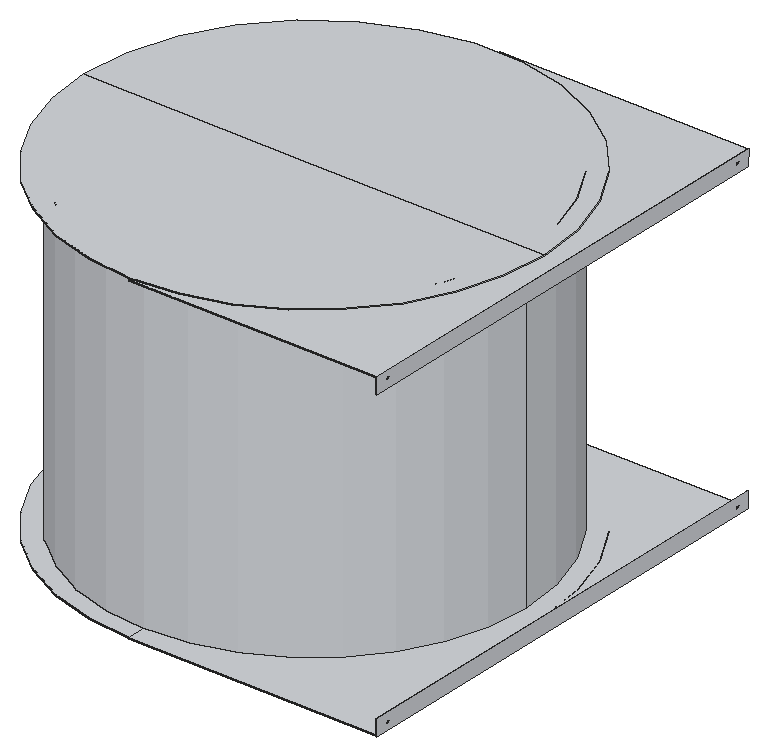
Revit family "VAD_Vertical_Wall_Mount", category Mechanical Equipment, Revit 2019
Family settings
  Round Connector Dimension = Use Radius
  Part Type = Normal
  Work Plane-Based = No
  Always vertical = Yes
  Cut with Voids When Loaded = No
  Shared = No
  Room Calculation Point = No
Parameters (values of type "60_VAD_VER_WALL")
  Unit Weight [instance] = ""
  P/2 = P / 2  # 0' - 0 9/32"
  P = 0' - 0 9/16"  # constant formula
  N = 2' - 7"
  ModelID [instance] = ""
  M/2 = M / 2  # 2' - 9"
  M = 5' - 6"
  K-.125" = K - 0' 0 1/8"  # 2' - 11 1/8"
  J+J = J + J  # 0' - 2 1/4"
  J = 0' - 1 1/8"
  K/2 = H / 2  # 1' - 9 7/8"
  H = 3' - 7 3/4"
  K-(C/2) = K - (C / 2)  # 0' - 3 5/8"
  K = 2' - 11 1/4"
  Sones [instance] = ""
  Motor RPM [instance] = ""
  Motor Enclosure [instance] = ""
  LwA [instance] = ""
  G = 16' - 0"
  Fan RPM [instance] = ""
  F/2 = F / 2  # 0' - 0 9/32"
  F = 0' - 0 9/16"
  E/2 = E / 2  # 1' - 11"
  E-2" = E - 0' 2"  # 3' - 8"
  E = 3' - 10"
  C/2+L = C / 2 + K  # 5' - 6 7/8"
  C/2 = C / 2  # 2' - 7 5/8"
  C = 5' - 3 1/4"
  B/2 = B / 2  # 2' - 8 23/32"
  B = 5' - 5 7/16"
  Accessories [instance] = ""
  A/3 = A / 2.5  # 2' - 0"
  A/2 = A / 2  # 2' - 6"
  A = 5' - 0"
  60 = 60.00°  # constant formula
  30 = 30.00°  # constant formula
  3" = 0' - 3"  # constant formula
  Brake Hp [instance] = ""
  4" = 0' - 4"  # constant formula
  2' = 2' - 0"
  2" = 0' - 2"  # constant formula
  1" = 0' - 1"  # constant formula
  0 = 0' - 0"  # constant formula
  Voltage [instance] = 0 V
  URL = "www.lorencook.com"
  Type Comments = "Fixed Pitch Vane Axial Vertical Wall Mount Direct Drive Arrangement 4"  # constant formula
  Static Pressure [instance] = 0.00 in-wg
  Power [instance] = Voltage * Motor FLA * sqrt(if(Phase = 3, 3, 1))  # 0 VA
  Phase [instance] = 0
  Number of Poles [instance] = 1
  Motor Hp [instance] = "0"
  Motor FLA [instance] = 0 A
  Model = "VAD"  # constant formula
  Manufacturer = "Loren Cook Company"
  CFM [instance] = 0 CFM
  1.5 = 0' - 1 1/2"  # constant formula
  ONE EIGTH = 0' - 0 1/8"  # constant formula
  -E/2 = -E / 2  # -1' - 11"
  -B/2 = -B / 2  # -2' - 8 23/32"
  -(E/2)+2" = -(E / 2) + 0' 2"  # -1' - 9"
  -(E-.25")/2 = -(E - 0' 0 1/4") / 2  # -1' - 10 7/8"
  (H-(A/2))/2 = 1' - 5 1/2"
  (E/2)-2" = (E / 2) - 0' 2"  # 1' - 9"
  (E-.25")/2 = (E - 0' 0 1/4") / 2  # 1' - 10 7/8"
  (A+.25")/2 = (A + 0' 0 1/4") / 2  # 2' - 6 1/8"
Types (10): name | N | M/2 | M | K-.125" | J+J | J | K/2 | H | K-(C/2) | K | G | F/2 | F | E/2 | E-2" | E | C/2+L | C/2 | C | B/2 | B | A/3 | A/2 | A | -E/2 | -B/2 | -(E/2)+2" | -(E-.25")/2 | (H-(A/2))/2 | (E/2)-2" | (E-.25")/2 | (A+.25")/2
  (no name) | 2' - 7" | 2' - 9" | 5' - 6" | 2' - 11 1/8" | 0' - 2 1/4" | 0' - 1 1/8" | 1' - 9 7/8" | 3' - 7 3/4" | 0' - 3 5/8" | 2' - 11 1/4" | 16' - 0" | 0' - 0 9/32" | 0' - 0 9/16" | 1' - 11" | 3' - 8" | 3' - 10" | 5' - 6 7/8" | 2' - 7 5/8" | 5' - 3 1/4" | 2' - 8 23/32" | 5' - 5 7/16" | 2' - 0" | 2' - 6" | 5' - 0" | -1' - 11" | -2' - 8 23/32" | -1' - 9" | -1' - 10 7/8" | 1' - 5 1/2" | 1' - 9" | 1' - 10 7/8" | 2' - 6 1/8"
  18_VAD_VER_WALL | 0' - 8 1/2" | 0' - 10 1/2" | 1' - 9" | 1' - 0 5/16" | 0' - 2" | 0' - 1" | 0' - 8 1/2" | 1' - 5" | 0' - 2 9/16" | 1' - 0 7/16" | 12' - 0" | 0' - 0 7/32" | 0' - 0 7/16" | 0' - 9 1/2" | 1' - 5" | 1' - 7" | 1' - 10 5/16" | 0' - 9 7/8" | 1' - 7 3/4" | 0' - 10 5/8" | 1' - 9 1/4" | 0' - 7.2" | 0' - 9" | 1' - 6" | -0' - 9 1/2" | -0' - 10 5/8" | -0' - 7 1/2" | -0' - 9 3/8" | 0' - 9 1/8" | 0' - 7 1/2" | 0' - 9 3/8" | 0' - 9 1/8"
  21_VAD_VER_WALL | 0' - 10" | 1' - 0" | 2' - 0" | 1' - 1 13/16" | 0' - 2" | 0' - 1" | 0' - 9" | 1' - 6" | 0' - 2 9/16" | 1' - 1 15/16" | 12' - 0" | 0' - 0 7/32" | 0' - 0 7/16" | 0' - 10" | 1' - 6" | 1' - 8" | 2' - 1 5/16" | 0' - 11 3/8" | 1' - 10 3/4" | 1' - 0 1/8" | 2' - 0 1/4" | 0' - 8.4" | 0' - 10 1/2" | 1' - 9" | -0' - 10" | -1' - 0 1/8" | -0' - 8" | -0' - 9 7/8" | 0' - 10 1/2" | 0' - 8" | 0' - 9 7/8" | 0' - 10 5/8"
  26_VAD_VER_WALL | 1' - 0 13/16" | 1' - 2 25/32" | 2' - 5 9/16" | 1' - 4 9/16" | 0' - 2" | 0' - 1" | 0' - 10" | 1' - 8" | 0' - 2 11/16" | 1' - 4 11/16" | 12' - 0" | 0' - 0 7/32" | 0' - 0 7/16" | 0' - 11" | 1' - 8" | 1' - 10" | 2' - 6 11/16" | 1' - 2" | 2' - 4" | 1' - 3 5/32" | 2' - 6 5/16" | 0' - 10.4" | 1' - 1" | 2' - 2" | -0' - 11" | -1' - 3 5/32" | -0' - 9" | -0' - 10 7/8" | 0' - 10 3/4" | 0' - 9" | 0' - 10 7/8" | 1' - 1 1/8"
  29_VAD_VER_WALL | 1' - 2 5/16" | 1' - 4 5/16" | 2' - 8 5/8" | 1' - 6 1/8" | 0' - 2" | 0' - 1" | 0' - 11 1/2" | 1' - 11" | 0' - 2 3/4" | 1' - 6 1/4" | 12' - 0" | 0' - 0 7/32" | 0' - 0 7/16" | 1' - 0 1/2" | 1' - 11" | 2' - 1" | 2' - 9 3/4" | 1' - 3 1/2" | 2' - 7" | 1' - 4 21/32" | 2' - 9 5/16" | 0' - 11.6" | 1' - 2 1/2" | 2' - 5" | -1' - 0 1/2" | -1' - 4 21/32" | -0' - 10 1/2" | -1' - 0 3/8" | 1' - 1" | 0' - 10 1/2" | 1' - 0 3/8" | 1' - 2 5/8"
  36_VAD_VER_WALL | 1' - 6 5/16" | 1' - 8 5/16" | 3' - 4 5/8" | 1' - 10 1/8" | 0' - 2" | 0' - 1" | 1' - 3" | 2' - 6" | 0' - 3 1/4" | 1' - 10 1/4" | 16' - 0" | 0' - 0 9/32" | 0' - 0 9/16" | 1' - 4" | 2' - 6" | 2' - 8" | 3' - 5 1/4" | 1' - 7" | 3' - 2" | 1' - 8 5/32" | 3' - 4 5/16" | 1' - 2.4" | 1' - 6" | 3' - 0" | -1' - 4" | -1' - 8 5/32" | -1' - 2" | -1' - 3 7/8" | 1' - 1 3/4" | 1' - 2" | 1' - 3 7/8" | 1' - 6 1/8"
  42_VAD_VER_WALL | 1' - 9 3/8" | 2' - 0 3/8" | 4' - 0 3/4" | 2' - 1 1/16" | 0' - 2 1/4" | 0' - 1 1/8" | 1' - 5 3/8" | 2' - 10 3/4" | 0' - 3" | 2' - 1 3/16" | 16' - 0" | 0' - 0 9/32" | 0' - 0 9/16" | 1' - 6 1/2" | 2' - 11" | 3' - 1" | 3' - 11 3/8" | 1' - 10 3/16" | 3' - 8 3/8" | 1' - 10 21/32" | 3' - 9 5/16" | 1' - 4.8" | 1' - 9" | 3' - 6" | -1' - 6 1/2" | -1' - 10 21/32" | -1' - 4 1/2" | -1' - 6 3/8" | 1' - 2 3/4" | 1' - 4 1/2" | 1' - 6 3/8" | 1' - 9 1/8"
  48_VAD_VER_WALL | 2' - 0 3/8" | 2' - 2 3/8" | 4' - 4 3/4" | 2' - 4 1/8" | 0' - 2 1/4" | 0' - 1 1/8" | 1' - 7 7/8" | 3' - 3 3/4" | 0' - 3" | 2' - 4 1/4" | 16' - 0" | 0' - 0 9/32" | 0' - 0 9/16" | 1' - 9" | 3' - 4" | 3' - 6" | 4' - 5 1/2" | 2' - 1 1/4" | 4' - 2 1/2" | 2' - 2 19/32" | 4' - 5 3/16" | 1' - 7.2" | 2' - 0" | 4' - 0" | -1' - 9" | -2' - 2 19/32" | -1' - 7" | -1' - 8 7/8" | 1' - 3" | 1' - 7" | 1' - 8 7/8" | 2' - 0 1/8"
  54_VAD_VER_WALL | 2' - 3 1/2" | 2' - 5 1/2" | 4' - 11" | 2' - 7 1/8" | 0' - 2 1/4" | 0' - 1 1/8" | 1' - 9 7/8" | 3' - 7 3/4" | 0' - 3" | 2' - 7 1/4" | 16' - 0" | 0' - 0 9/32" | 0' - 0 9/16" | 1' - 11" | 3' - 8" | 3' - 10" | 4' - 11 1/2" | 2' - 4 1/4" | 4' - 8 1/2" | 2' - 5 23/32" | 4' - 11 7/16" | 1' - 9.6" | 2' - 3" | 4' - 6" | -1' - 11" | -2' - 5 23/32" | -1' - 9" | -1' - 10 7/8" | 1' - 4 1/4" | 1' - 9" | 1' - 10 7/8" | 2' - 3 1/8"
  60_VAD_VER_WALL | 2' - 7" | 2' - 9" | 5' - 6" | 2' - 11 1/8" | 0' - 2 1/4" | 0' - 1 1/8" | 1' - 9 7/8" | 3' - 7 3/4" | 0' - 3 5/8" | 2' - 11 1/4" | 16' - 0" | 0' - 0 9/32" | 0' - 0 9/16" | 1' - 11" | 3' - 8" | 3' - 10" | 5' - 6 7/8" | 2' - 7 5/8" | 5' - 3 1/4" | 2' - 8 23/32" | 5' - 5 7/16" | 2' - 0" | 2' - 6" | 5' - 0" | -1' - 11" | -2' - 8 23/32" | -1' - 9" | -1' - 10 7/8" | 1' - 5 1/2" | 1' - 9" | 1' - 10 7/8" | 2' - 6 1/8"
Reference planes (in)
  plane 1 "Center (Front/Back)": y = 0
  plane 2: z = 0
  plane 3 "Center (Left/Right)": x = 0.40541
Forms (in)
  Revolve 1, solid
    sketch origin (0, 0, 0) x (1, 0, 0) y (0, 0, 1)
      loop
        line (0.40541, 23) -> (0.40541, -23) -> (33.12416, -23) -> (33.12416, -22.875) -> (30.53041, -22.875) -> (30.53041, 22.875) -> (33.12416, 22.875) -> (33.12416, 23) -> (0.40541, 23)
      axis (0.40541, -23) -> (0.40541, 23)
    angle from 0 to 360
  Extrusion 2, solid
    sketch origin (0.40541, 0, 0) x (0, 1, 0) y (0, 0, 1)
      loop
        line (-33, 22.875) -> (-33, 20.625) -> (33, 20.625) -> (33, 22.875) -> (-33, 22.875)
      loop
        line (33, -20.625) -> (-33, -20.625) -> (-33, -22.875) -> (33, -22.875) -> (33, -20.625)
      loop
        circle (31, 21.875) r 0.28125
      loop
        circle (-31, 21.875) r 0.28125
      loop
        circle (-31, -21.875) r 0.28125
      loop
        circle (31, -21.875) r 0.28125
    from 35.125 <- "K-.125"" to 35.25 <- "K"
  Extrusion 3, solid
    sketch origin (0.40541, -33, -22.875) x (1, 0, 0) y (0, -1, 0)
      loop
        line (0, -63.125) -> (0, -66) -> (35.125, -66) -> (35.125, 0) -> (0, 0) -> (0, -2.875)
        arc (0, -2.875) -> (30.125, -33) -> (0, -63.125) r 30.125
    from 0 to -0.125
  Extrusion 4, solid
    sketch origin (0.40541, -33, 22.875) x (0, 1, 0) y (-1, 0, 0)
      loop
        arc (63.125, 0) -> (33, -30.125) -> (2.875, 0) r 30.125
        line (2.875, 0) -> (0, 0) -> (0, -35.25) -> (66, -35.25) -> (66, 0) -> (63.125, 0)
    from 0 to -0.125
  Extrusion 5, solid
    sketch origin (0, 0, 0) x (1, 0, 0) y (0, 0, 1)
      loop
        circle (0.40541, 0) r 1
    from 0 to -32.71875 <- "-B/2"
Dimensions and locks (in)
  "0": Revolve 1 sketch curve to plane 3 "Center (Left/Right)"  (x2)
  "E/2": Revolve 1 sketch curve to level
  "E/2": level to Revolve 1 sketch curve
  "ONE EIGTH": Revolve 1 sketch curve to Revolve 1 sketch curve  (x2)
  "B/2": Revolve 1 sketch curve to Revolve 1 sketch curve  (x2)
  "(A+.25")/2": Revolve 1 sketch curve to Revolve 1 sketch curve
  "J+J": Extrusion 2 sketch curve to Extrusion 2 sketch curve  (x2)
  "0": Revolve 1 to Extrusion 2 sketch curve
  "0": Extrusion 2 sketch curve to Revolve 1
  "M/2": plane 1 "Center (Front/Back)" to Extrusion 2 sketch curve  (x2)
  "M/2": Extrusion 2 sketch curve to plane 1 "Center (Front/Back)"  (x2)
  "N": plane 1 "Center (Front/Back)" to Extrusion 2 sketch curve  (x4)
  "K/2": Extrusion 2 sketch curve to level  (x4)
  "0": Extrusion 3 sketch curve to plane 3 "Center (Left/Right)"
  "0": Extrusion 3 sketch curve to plane 1 "Center (Front/Back)"
  "0": plane 3 "Center (Left/Right)" to Extrusion 3 sketch curve  (x2)
  "0": Extrusion 2 to Extrusion 3 sketch curve  (x2)
  "0": Extrusion 3 sketch curve to Extrusion 2
  "0": Extrusion 4 sketch curve to plane 3 "Center (Left/Right)"  (x3)
  "0": Extrusion 3 to Extrusion 4 sketch curve
  "0": Extrusion 4 sketch curve to Extrusion 3
  "0": Extrusion 4 sketch curve to Extrusion 2
  "0": Extrusion 4 sketch curve to plane 1 "Center (Front/Back)"
  "0": plane 3 "Center (Left/Right)" to Extrusion 5 sketch curve
  "0": level to Extrusion 5 sketch curve
  "P/2": radius of Extrusion 2 sketch curve  (x4)
  "(A+.25")/2": radius of Extrusion 3 sketch curve
  "(A+.25")/2": radius of Extrusion 4 sketch curve
  "1"": radius of Extrusion 5 sketch curve
Automatic sketch dimensions
  Revolve 1 sketch curve to Revolve 1 sketch curve = 0' - 0"
  Revolve 1 sketch curve to Revolve 1 sketch curve = 1' - 6"
Connectors (in)
  hvac at (0.40541, 0, 23), driven by "A/2"
    settings: on Revolve 1, index 1, duct flow 0 CFM, flow factor 0, pres drop 0.00 in-wg, loss coef 0, conn angle 0.00°, conn width 12", conn height 12", conn diameter 60", duct sys type 29, conn prof type 0, flow config 0, flow direction 2, loss method 0, conn ref index -1, conn util no, is conn primary yes, conn desc ""
  hvac at (0.40541, 0, -22.875), driven by "A/2"
    settings: on Revolve 1, index 2, duct flow 0 CFM, flow factor 0, pres drop 0.00 in-wg, loss coef 0, conn angle 0.00°, conn width 12", conn height 12", conn diameter 60", duct sys type 29, conn prof type 0, flow config 0, flow direction 1, loss method 0, conn ref index -1, conn util no, is conn primary no, conn desc ""
  electrical at (0.40541, 32.71875, 0)
    settings: on Extrusion 5, index 3, voltage 0 V, apparent load 0 VA, apparent load phase1 0 VA, apparent load phase2 0 VA, apparent load phase3 0 VA, power factor 1, load classification "Other", number of poles 1, system type 30, power factor state 1, is connector primary yes, connector utility no, sub classification motor no, connector description ""
